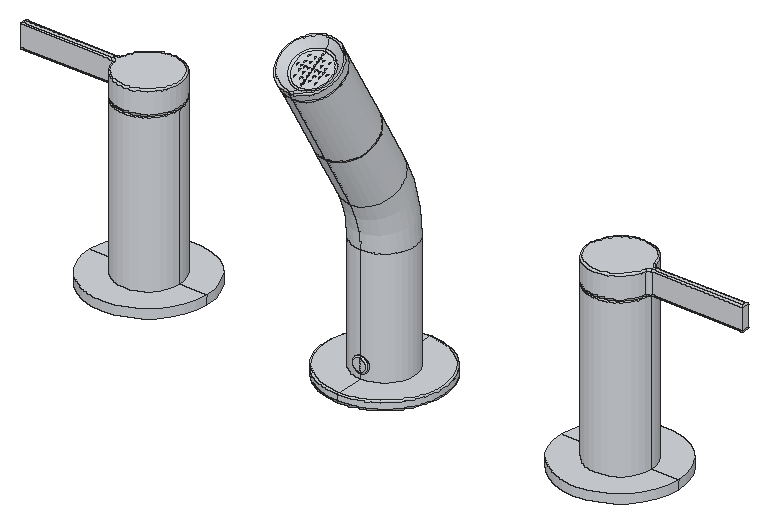
Revit family "Faucet-Wall_Mount-KOHLER-Stillness-K-T945", category Plumbing Fixtures, host Face, Revit 2015
Parameters (values of type "CP-Polished Chrome")
  Type = 1
  Width = Faucet Hole Spacing  # 8"
  Waste Water Outlet = "Waste Water Outlet"  # constant formula
  Waste Connection = 1 = 0  # no
  Vent Connection = 1 = 0  # no
  URL = "https://www.us.kohler.com/us/"
  Spout Reach = 5 5/16"  # constant formula
  Product Page URL = "http://www.us.kohler.com/us/catalog/productDetails.jsp?productNumber=T945-4"
  Product Name = "Stillness"  # constant formula
  Product Documentation Link = "http://www.us.kohler.com/onlinecatalog/pdf/K-T945-4_spec.pdf"
  Pressure = 60.00 psi  # constant formula
  Model = if(Type = 1, "K-T945-4-CP", if(Type = 2, "K-T945-4-BN", "NA"))  # "K-T945-4-CP"
  Material = "Premium Metal Construction"  # constant formula
  MasterFormat 2004 = "22.41.39"  # constant formula
  MasterFormat 1995 = "15410"  # constant formula
  Manufacturer Address = "444 Highland Dr, Kohler, WI 53044"  # constant formula
  Manufacturer = "KOHLER Co."  # constant formula
  Length = Spout Reach  # 5 5/16"
  Hot Water Inlet = "Hot Water Inlet"  # constant formula
  Height = 3 5/256"  # constant formula
  Handle Clearance = 2 1/8"  # constant formula
  HW Connection = 1 = 1  # yes
  Flow Rate = 2 GPM  # constant formula
  Finish = Kohler-Metal-CP-Polished_Chrome
  Faucet Hole Spacing = 8"  # constant formula
  Environmental Product Declaration = ""
  Drain Included = 1 = 0  # no
  Description = "Laminar widespread wall-mount bathroom sink faucet trim with lever handles, requires valve"  # constant formula
  Default Elevation = 36"
  Declare Label = ""
  Date Modified = "08/31/2018"  # constant formula
  Date Created = "08/31/2018"  # constant formula
  Copyright = "Copyright KOHLER Co."  # constant formula
  Contact Us = "https://www.us.kohler.com/us/static/contact.jsp"
  Cold Water Inlet = "Cold Water Inlet"  # constant formula
  CW Connection = 1 = 1  # yes
  Assembly Code = "D2010"
  ADA Compliant = 1 = 1  # yes
Types (3): name | Type | Model | Finish
  (no name) | 1 | "K-T945-4-CP" | Kohler-Metal-CP-Polished_Chrome
  CP-Polished Chrome | 1 | "K-T945-4-CP" | Kohler-Metal-CP-Polished_Chrome
  BN-Vibrant Brushed Nickel | 2 | "K-T945-4-BN" | Kohler-Metal-BN-Vibrant_Brushed_Nickel
Reference planes (in)
  plane 1 "Center (Front/Back)": y = 0
  plane 2: z = 0
  plane 3 "Center (Left/Right)": x = 0
  plane 4: x = -4
  plane 5: x = 4
  plane 6: y = 1
  plane 7: x = -6.125
  plane 8: x = 6.125
  plane 9: z = 5.3125
  plane 10: y = -2.01953
Dimensions and locks (in)
  equal spacing: plane 4, plane 3 "Center (Left/Right)", plane 5
  "Width": plane 4 to plane 5
  "Handle Clearance": plane 7 to plane 4
  "Handle Clearance": plane 5 to plane 8
  "Length": plane 9 to plane 2
  "Height": plane 6 to plane 10
  aligned and locked: plane 2 to host face
  aligned and locked: level to host face
Automatic sketch dimensions
  host sketch curve to host sketch curve = 96"  (x2)
Nested families (in)
  nested 1: "K-T945-4" at (0, 0, 0), type "K-T945-4"
Connectors (in)
  piping at (-4, 0, 0), diameter 0.625, driven by "Flow Rate", driven by "Pressure", driven by "HW Connection", driven by "Hot Water Inlet"
    settings: on nested 1, index 1, connector inside diameter 24", connector length 0", flow factor 0, pipe flow 2 GPM, pressure drop 60.00 psi, fitting loss kfactor 0, connector angle 0.00°, fixture units 0, engagement length 0", angle of deflection 0.00°, flow configuration 0, flow direction 1, fitting loss method 4, system type 19, joint type 0, gender type 0, connector reference index -1, connector utility 1, adjustable connector no, is connector primary yes, connector description "Hot Water Inlet"
  piping at (4, 0, 0), diameter 0.625, driven by "Flow Rate", driven by "Pressure", driven by "CW Connection", driven by "Cold Water Inlet"
    settings: on nested 1, index 2, connector inside diameter 24", connector length 0", flow factor 0, pipe flow 2 GPM, pressure drop 60.00 psi, fitting loss kfactor 0, connector angle 0.00°, fixture units 0, engagement length 0", angle of deflection 0.00°, flow configuration 0, flow direction 1, fitting loss method 4, system type 20, joint type 0, gender type 0, connector reference index -1, connector utility 1, adjustable connector no, is connector primary no, connector description "Cold Water Inlet"
Definition of nested family "K-T945-4"
  Parameters (values of type "K-T945-4")
    Material = none
  Reference planes (in)
    plane 1 "Center (Front/Back)": y = 0
    plane 2: z = 0
    plane 3 "Center (Left/Right)": x = 0
    plane 4: x = -6.125
    plane 5: x = -4
    plane 6: x = 6.125
    plane 7: x = 4
    plane 8: z = 5.3125
    plane 9: y = 1
    plane 10: y = -1
    plane 11 "A": through (0, -1.1521, 5.65717) normal (0, -0.5, 0.866)
  Forms (in)
    Revolve 1, solid, material <- "Material", detail levels medium+fine
      sketch origin (0, 0, 0) x (1, 0, 0) y (0, 0, 1)
        loop
          line (-4.53, 0.15) -> (-4.995, 0.15) -> (-4.995, 0) -> (-4, 0) -> (-4, 2.815) -> (-4.50768, 2.815)
          arc (-4.50768, 2.815) -> (-4.52346, 2.80847) -> (-4.53, 2.79268) r 0.02232
          line (-4.53, 2.79268) -> (-4.53, 0.15)
        axis (-4, 2.815) -> (-4, 0)
      angle from 0 to 360
    Revolve 2, solid, material <- "Material", detail levels medium+fine
      sketch origin (0, 0, 0) x (-1, 0, 0) y (0, 0, 1)
        loop
          line (-4.53, 0.15) -> (-4.995, 0.15) -> (-4.995, 0) -> (-4, 0) -> (-4, 2.815) -> (-4.50768, 2.815)
          arc (-4.50768, 2.815) -> (-4.52346, 2.80846) -> (-4.53, 2.79268) r 0.02232
          line (-4.53, 2.79268) -> (-4.53, 0.15)
        axis (-4, 2.815) -> (-4, 0)
      angle from 0 to 360
    Sweep 3, solid, material <- "Material", detail levels medium+fine
      path origin (0, 0, 0) x (-1, 0, 0) y (0, 1, 0)
        loop
          arc (-4.50131, -0.09748) -> (-3.4893, -0.0003) -> (-4.50119, 0.09807) r 0.5107
          arc (-4.50119, 0.09807) -> (-4.52819, 0.0528) -> (-4.5778, 0.035) r 0.07806
          line (-4.5778, 0.035) -> (-6.11, 0.035) -> (-6.11, -0.035) -> (-4.57711, -0.035)
          arc (-4.57711, -0.035) -> (-4.52799, -0.05263) -> (-4.50131, -0.09748) r 0.07723
      profile origin (6.11, 0, 0) x (1, 0, 0) y (0, 0, 1)
        loop
          arc (0.02, 3.19156) -> (0.01314, 3.20813) -> (-0.00344, 3.215) r 0.02344
          line (-0.00344, 3.215) -> (-0.00344, 2.815)
          arc (-0.00344, 2.815) -> (0.01314, 2.82187) -> (0.02, 2.83844) r 0.02344
          line (0.02, 2.83844) -> (0.02, 3.19156)
    Revolve 4, solid, material <- "Material", detail levels medium+fine
      sketch origin (0, 0, 0) x (0, 1, 0) y (0, 0, 1)
        loop
          arc (0.96576, 0) -> (0.98645, 0.00857) -> (0.99502, 0.02926) r 0.02926
          line (0.99502, 0.02926) -> (0.99502, 0.12987)
          arc (0.99502, 0.12987) -> (0.98913, 0.1441) -> (0.97489, 0.15) r 0.02013
          line (0.97489, 0.15) -> (0, 0.15) -> (0, 0) -> (0.96576, 0)
        axis (0, 0.15) -> (0, 0)
      angle from 0 to 360
    Sweep 5, solid, material <- "Material", detail levels medium+fine
      path origin (0, 0, 0) x (0, 1, 0) y (0, 0, 1)
        loop
          line (-0.79, 4.03) -> (-0.27633, 3.1403)
          arc (-0.27633, 3.1403) -> (-0.07028, 2.64285) -> (0, 2.10901) r 2.06258
          line (0, 2.10901) -> (0, 0.12)
      profile origin (0, -0.53317, 3.58515) x (0, 0.866025, 0.5) y (1, 0, 0)
        loop
          circle (0, 0) r 0.5
    Revolve 6, solid, material <- "Material", detail levels medium+fine
      sketch origin (0, 0, 0) x (0, 1, 0) y (0, 0, 1)
        loop
          line (-0.79, 4.03) -> (-0.38198, 4.26557)
          arc (-0.38198, 4.26557) -> (-0.36853, 4.28309) -> (-0.37141, 4.30499) r 0.02886
          line (-0.37141, 4.30499) -> (-1.06977, 5.51457)
          arc (-1.06977, 5.51457) -> (-1.09013, 5.53047) -> (-1.11581, 5.52775) r 0.03446
          line (-1.11581, 5.52775) -> (-1.08699, 5.5444) -> (-1.14509, 5.64503)
          arc (-1.14509, 5.64503) -> (-1.15847, 5.65185) -> (-1.17014, 5.6424) r 0.01378
          line (-1.17014, 5.6424) -> (-1.22248, 5.4813)
          arc (-1.22248, 5.4813) -> (-1.23135, 5.46496) -> (-1.24549, 5.45289) r 0.05101
          line (-1.24549, 5.45289) -> (-1.52, 5.2944) -> (-0.79, 4.03)
        axis (-1.58322, 5.4039) -> (-0.79, 4.03)
      angle from 0 to 360
    Revolve 7, solid, material <- "Material", detail levels medium+fine
      sketch origin (0, -0.01953, 0) x (0, 1, 0) y (0, 0, 1)
        loop
          line (-0.51, 0.37) -> (-0.38, 0.37) -> (-0.38, 0.50158) -> (-0.4878, 0.50158) -> (-0.51, 0.47937) -> (-0.51, 0.37)
        axis (-0.51, 0.37) -> (-0.38, 0.37)
      angle from 0 to 360
    Extrusion 8, solid, material <- "Material", detail levels medium+fine
      sketch origin (0, 0, 0) x (1, 0, 0) y (0, 1, 0)
        loop
          arc (4.49793, -0.09683) -> (4.52581, -0.04998) -> (4.57711, -0.03156) r 0.08066
          line (4.57711, -0.03156) -> (6.10656, -0.03156) -> (6.10656, 0.03156) -> (4.5778, 0.03156)
          arc (4.5778, 0.03156) -> (4.526, 0.05014) -> (4.49782, 0.09741) r 0.0815
          arc (4.49782, 0.09741) -> (3.49274, -0.0003) -> (4.49793, -0.09683) r 0.50726
      from 2.815 to 3.215
    Sweep 9, solid, material <- "Material", detail levels medium+fine
      path origin (0, 0, 0) x (1, 0, 0) y (0, 1, 0)
        loop
          arc (-4.50131, -0.09748) -> (-3.4893, -0.0003) -> (-4.50119, 0.09807) r 0.5107
          arc (-4.50119, 0.09807) -> (-4.52819, 0.0528) -> (-4.5778, 0.035) r 0.07806
          line (-4.5778, 0.035) -> (-6.11, 0.035) -> (-6.11, -0.035) -> (-4.57711, -0.035)
          arc (-4.57711, -0.035) -> (-4.52799, -0.05263) -> (-4.50131, -0.09748) r 0.07723
      profile origin (-6.11, 0, 0) x (1, 0, 0) y (0, 0, 1)
        loop
          line (-0.02, 3.19156) -> (-0.02, 2.83844)
          arc (-0.02, 2.83844) -> (-0.01314, 2.82187) -> (0.00344, 2.815) r 0.02344
          line (0.00344, 2.815) -> (0.00344, 3.215)
          arc (0.00344, 3.215) -> (-0.01314, 3.20813) -> (-0.02, 3.19156) r 0.02344
    Extrusion 10, solid, material <- "Material", detail levels medium+fine
      sketch origin (0, 0, 0) x (-1, 0, 0) y (0, -1, 0)
        loop
          arc (4.49793, 0.09683) -> (3.49274, 0.0003) -> (4.49782, -0.09741) r 0.50726
          arc (4.49782, -0.09741) -> (4.526, -0.05014) -> (4.5778, -0.03156) r 0.0815
          line (4.5778, -0.03156) -> (6.10656, -0.03156) -> (6.10656, 0.03156) -> (4.57711, 0.03156)
          arc (4.57711, 0.03156) -> (4.52581, 0.04998) -> (4.49793, 0.09683) r 0.08066
      from 2.815 to 3.215
    Sweep 11, solid, material <- "Material", detail levels coarse
      path origin (0, 0, 0) x (0, 1, 0) y (0, 0, 1)
        loop
          line (-1.58511, 5.40717) -> (-0.27633, 3.1403)
          arc (-0.27633, 3.1403) -> (-0.07028, 2.64285) -> (0, 2.10901) r 2.06258
          line (0, 2.10901) -> (0, 0)
      profile origin (0, -0.93072, 4.27374) x (0, 0.866025, 0.5) y (1, 0, 0)
        loop
          circle (0, 0) r 0.5
    Extrusion 12, solid, material <- "Material", detail levels coarse
      sketch origin (0, 0, 0) x (1, 0, 0) y (0, 1, 0)
        loop
          circle (-4, 0) r 0.53
        loop
          circle (4, 0) r 0.53
      from 0 to 3.21544
    Extrusion 13, solid, material <- "Material", detail levels coarse
      sketch origin (0, 0, 0) x (1, 0, 0) y (0, 1, 0)
        loop
          line (-6.13, 0.055) -> (-6.13, -0.055) -> (-4.52714, -0.055)
          arc (-4.52714, -0.055) -> (-4.53, 0) -> (-4.52714, 0.055) r 0.53
          line (-4.52714, 0.055) -> (-6.13, 0.055)
        loop
          line (6.13, 0.055) -> (4.52714, 0.055)
          arc (4.52714, 0.055) -> (4.53, 0) -> (4.52714, -0.055) r 0.53
          line (4.52714, -0.055) -> (6.13, -0.055) -> (6.13, 0.055)
      from 2.81501 to 3.21544
    Extrusion 14, solid, material <- "Material", detail levels coarse
      sketch origin (0, 0, 0) x (1, 0, 0) y (0, 1, 0)
        loop
          circle (-4, 0) r 0.1875
        loop
          circle (4, 0) r 0.1875
      from 0 to 0.125
    Extrusion 15, void
      sketch origin (0, -2.73765, 4.74175) x (0, 0.866025, 0.5) y (-1, 0, 0)
        loop
          circle (1.33084, 0) r 0.01562
        loop
          circle (1.33084, 0.0625) r 0.01562
        loop
          circle (1.33084, 0.125) r 0.01562
        loop
          circle (1.33084, 0.1875) r 0.01562
        loop
          circle (1.33084, 0.25) r 0.01562
        loop
          circle (1.41923, 0.08839) r 0.01562
        loop
          circle (1.50762, 0.17678) r 0.01562
        loop
          circle (1.39334, 0) r 0.01562
        loop
          circle (1.45584, 0) r 0.01562
        loop
          circle (1.51834, 0) r 0.01562
        loop
          circle (1.58084, 0) r 0.01562
        loop
          circle (1.33084, -0.0625) r 0.01562
        loop
          circle (1.33084, -0.125) r 0.01562
        loop
          circle (1.33084, -0.1875) r 0.01562
        loop
          circle (1.33084, -0.25) r 0.01562
        loop
          circle (1.41923, -0.08839) r 0.01562
        loop
          circle (1.50762, -0.17678) r 0.01562
        loop
          circle (1.24245, 0.08839) r 0.01562
        loop
          circle (1.15406, 0.17678) r 0.01562
        loop
          circle (1.26834, 0) r 0.01562
        loop
          circle (1.20584, 0) r 0.01562
        loop
          circle (1.14334, 0) r 0.01562
        loop
          circle (1.08084, 0) r 0.01562
        loop
          circle (1.24245, -0.08839) r 0.01562
        loop
          circle (1.15406, -0.17678) r 0.01562
        loop
          circle (1.40259, -0.17323) r 0.01562
        loop
          circle (1.50407, -0.07175) r 0.01562
        loop
          circle (1.40259, 0.17323) r 0.01562
        loop
          circle (1.50407, 0.07175) r 0.01562
        loop
          circle (1.25909, -0.17323) r 0.01562
        loop
          circle (1.15761, -0.07175) r 0.01562
        loop
          circle (1.25909, 0.17323) r 0.01562
        loop
          circle (1.15761, 0.07175) r 0.01562
      from -0.18034 to -0.03859
  Cuts and joins
    joined: Sweep 3, Extrusion 8, Sweep 9, Extrusion 10
    Extrusion 15 cuts Revolve 6
    joined: Revolve 1, Revolve 2, Revolve 4, Sweep 5, Revolve 6, Revolve 7
    joined: Sweep 11, Extrusion 12, Extrusion 13
  Lines and regions (in)
    Masking region 1
      outline origin (0, 0, 0) x (1, 0, 0) y (0, 0, 1)
        loop
          line (-0.96576, 0) -> (0.96576, 0)
          arc (0.96576, 0) -> (0.98645, 0.00857) -> (0.99502, 0.02926) r 0.02926
          line (0.99502, 0.02926) -> (0.99502, 0.12987)
          arc (0.99502, 0.12987) -> (0.98913, 0.1441) -> (0.97489, 0.15) r 0.02013
          line (0.97489, 0.15) -> (0.5, 0.15) -> (0.5, 5.37292)
          arc (0.5, 5.37292) -> (0.49355, 5.41161) -> (0.47814, 5.4475) r 0.14484
          arc (0.47814, 5.4475) -> (0.42911, 5.50865) -> (0.36556, 5.55451) r 0.29131
          arc (0.36556, 5.55451) -> (0.27872, 5.59325) -> (0.18731, 5.61938) r 0.67421
          arc (0.18731, 5.61938) -> (0.09416, 5.63402) -> (0, 5.63892) r 0.90751
          arc (0, 5.63892) -> (-0.09416, 5.63402) -> (-0.18731, 5.61938) r 0.90751
          arc (-0.18731, 5.61938) -> (-0.27872, 5.59325) -> (-0.36556, 5.55451) r 0.67421
          arc (-0.36556, 5.55451) -> (-0.42911, 5.50865) -> (-0.47814, 5.4475) r 0.29131
          arc (-0.47814, 5.4475) -> (-0.49355, 5.41161) -> (-0.49881, 5.37292) r 0.14484
          line (-0.49881, 5.37292) -> (-0.5, 0.15) -> (-0.97489, 0.15)
          arc (-0.97489, 0.15) -> (-0.98913, 0.1441) -> (-0.99502, 0.12987) r 0.02013
          line (-0.99502, 0.12987) -> (-0.99502, 0.02926)
          arc (-0.99502, 0.02926) -> (-0.98645, 0.00857) -> (-0.96576, 0) r 0.02926
        loop
          line (-4.995, 0) -> (-3.005, 0) -> (-3.005, 0.15) -> (-3.47, 0.15) -> (-3.47, 2.78766)
          arc (-3.47, 2.78766) -> (-3.47801, 2.807) -> (-3.49734, 2.81501) r 0.02734
          arc (-3.49734, 2.81501) -> (-3.47801, 2.82302) -> (-3.47, 2.84235) r 0.02734
          line (-3.47, 2.84235) -> (-3.47, 3.18765)
          arc (-3.47, 3.18765) -> (-3.47801, 3.20698) -> (-3.49734, 3.21499) r 0.02734
          line (-3.49734, 3.21499) -> (-6.09766, 3.21499)
          arc (-6.09766, 3.21499) -> (-6.11699, 3.20698) -> (-6.125, 3.18765) r 0.02734
          line (-6.125, 3.18765) -> (-6.125, 2.84235)
          arc (-6.125, 2.84235) -> (-6.11699, 2.82302) -> (-6.09766, 2.81501) r 0.02734
          line (-6.09766, 2.81501) -> (-4.50216, 2.81501)
          arc (-4.50216, 2.81501) -> (-4.52185, 2.80685) -> (-4.53, 2.78717) r 0.02784
          line (-4.53, 2.78717) -> (-4.53, 0.15) -> (-4.995, 0.15) -> (-4.995, 0)
        loop
          line (4.995, 0) -> (4.995, 0.15) -> (4.53, 0.15) -> (4.53, 2.78717)
          arc (4.53, 2.78717) -> (4.52185, 2.80685) -> (4.50216, 2.81501) r 0.02784
          line (4.50216, 2.81501) -> (6.09766, 2.81501)
          arc (6.09766, 2.81501) -> (6.11699, 2.82302) -> (6.125, 2.84235) r 0.02734
          line (6.125, 2.84235) -> (6.125, 3.18765)
          arc (6.125, 3.18765) -> (6.11699, 3.20698) -> (6.09766, 3.21499) r 0.02734
          line (6.09766, 3.21499) -> (3.49734, 3.21499)
          arc (3.49734, 3.21499) -> (3.47801, 3.20698) -> (3.47, 3.18765) r 0.02734
          line (3.47, 3.18765) -> (3.47, 2.84235)
          arc (3.47, 2.84235) -> (3.47801, 2.82302) -> (3.49734, 2.81501) r 0.02734
          arc (3.49734, 2.81501) -> (3.47801, 2.807) -> (3.47, 2.78766) r 0.02734
          line (3.47, 2.78766) -> (3.47, 0.15) -> (3.005, 0.15) -> (3.005, 0) -> (4.995, 0)
    Masking region 2
      outline origin (0, 0, 0) x (0, 1, 0) y (0, 0, 1)
        loop
          line (-1, 0) -> (1, 0) -> (1, 0.15) -> (0.53, 0.15) -> (0.53, 2.79035)
          arc (0.53, 2.79035) -> (0.52278, 2.80778) -> (0.50534, 2.815) r 0.02466
          arc (0.50534, 2.815) -> (0.52314, 2.82187) -> (0.53, 2.83844) r 0.02344
          line (0.53, 2.83844) -> (0.53, 3.19111)
          arc (0.53, 3.19111) -> (0.52314, 3.20768) -> (0.50656, 3.21455) r 0.02344
          line (0.50656, 3.21455) -> (0.25815, 3.21455) -> (-1.12676, 5.61328)
          arc (-1.12676, 5.61328) -> (-1.15753, 5.6369) -> (-1.19599, 5.63183) r 0.05068
          line (-1.19599, 5.63183) -> (-1.97454, 5.18234)
          arc (-1.97454, 5.18234) -> (-1.99799, 5.15178) -> (-1.99296, 5.11359) r 0.05033
          line (-1.99296, 5.11359) -> (-0.74043, 2.94415)
          arc (-0.74043, 2.94415) -> (-0.61665, 2.68971) -> (-0.53, 2.42035) r 2.00011
          line (-0.53, 2.42035) -> (-0.53, 0.15) -> (-1, 0.15) -> (-1, 0)
    Masking region 3
      outline origin (0, 0, 0) x (1, 0, 0) y (0, 1, 0)
        loop
          arc (0.5, -0.86603) -> (0, 1) -> (-0.5, -0.86603) r 1
          line (-0.5, -0.86603) -> (-0.5, -1.58511)
          spline (-0.5, -1.58511) -> (-0.48296, -1.69718) -> (-0.43301, -1.80162) -> (-0.35355, -1.8913) -> (-0.25, -1.96011) -> (-0.12941, -2.00337) -> (0, -2.01812) -> (0.12941, -2.00337) -> (0.25, -1.96011) -> (0.35355, -1.8913) -> (0.43301, -1.80162) -> (0.48296, -1.69718) -> (0.5, -1.58511)
          line (0.5, -1.58511) -> (0.5, -0.86603)
        loop
          arc (4.99849, 0.055) -> (3, 0) -> (4.99849, -0.055) r 1
          line (4.99849, -0.055) -> (6.125, -0.055) -> (6.125, 0.055) -> (4.99849, 0.055)
        loop
          arc (-4.99849, -0.055) -> (-3, 0) -> (-4.99849, 0.055) r 1
          line (-4.99849, 0.055) -> (-6.125, 0.055) -> (-6.125, -0.055) -> (-4.99849, -0.055)
    symbolic lines, detail levels medium+fine
      curve 1: spline (0.5, 0, 4.03) -> (0.48296, 0, 4.0947) -> (0.43301, 0, 4.155) -> (0.35355, 0, 4.20678) -> (0.25, 0, 4.24651) -> (0.12941, 0, 4.27148) -> (0, 0, 4.28) -> (-0.12941, 0, 4.27148) -> (-0.25, 0, 4.24651) -> (-0.35355, 0, 4.20678) -> (-0.43301, 0, 4.155) -> (-0.48296, 0, 4.0947) -> (-0.5, 0, 4.03)
      curve 2: line (-4.50216, 0, 2.81501) -> (-3.49734, 0, 2.81501)
      curve 3: line (-4.53, 0, 0.15) -> (-3.47, 0, 0.15)
      curve 4: line (4.50216, 0, 2.81501) -> (3.49734, 0, 2.81501)
      curve 5: line (4.53, 0, 0.15) -> (3.47, 0, 0.15)
      curve 6: line (0, 0.50656, 3.21455) -> (0, 0.25815, 3.21455)
      curve 7: arc (0, -0.53, 3.19111) -> (0, -0.52314, 3.20768) -> (0, -0.50656, 3.21455) r 0.02344
      curve 8: line (0, -0.53, 2.83844) -> (0, -0.53, 3.19111)
      curve 9: arc (0, -0.50656, 2.815) -> (0, -0.52314, 2.82187) -> (0, -0.53, 2.83844) r 0.02344
      curve 10: arc (0, -0.53, 2.79035) -> (0, -0.52278, 2.80778) -> (0, -0.50534, 2.815) r 0.02466
      curve 11: line (0, -0.53, 0.15) -> (0, -0.53, 2.79035)
      curve 12: line (0, 0.50534, 2.815) -> (0, -0.50656, 2.815)
      curve 13: line (0, 0.25815, 3.21455) -> (0, -0.50656, 3.21455)
      curve 14: line (0, -1.22301, 3.78) -> (0, -0.35699, 4.28)
      curve 15: line (0, -1.08699, 5.5444) -> (0, -1.95301, 5.0444)
      curve 16: line (0, -0.055, 3.19156) -> (0, -0.055, 2.83844)
      curve 17: line (0, 0.055, 2.83844) -> (0, 0.055, 3.19156)
      curve 18: arc (0, 0.055, 3.19156) -> (0, 0.04814, 3.20813) -> (0, 0.03156, 3.215) r 0.02344
      curve 19: arc (0, -0.055, 3.19156) -> (0, -0.04814, 3.20813) -> (0, -0.03156, 3.215) r 0.02344
      curve 20: arc (0, 0.03156, 2.815) -> (0, 0.04814, 2.82187) -> (0, 0.055, 2.83844) r 0.02344
      curve 21: arc (0, -0.03156, 2.815) -> (0, -0.04814, 2.82187) -> (0, -0.055, 2.83844) r 0.02344
      curve 22: line (-0.5, 0, 0.15) -> (0.5, 0, 0.15)
      curve 23: line (-4.57973, 0.055, 0) -> (-6.125, 0.055, 0)
      curve 24: line (-6.125, -0.055, 0) -> (-4.57973, -0.055, 0)
      curve 25: arc (-4.51965, -0.10423, 0) -> (-3.47, 0, 0) -> (-4.51965, 0.10423, 0) r 0.53
      curve 26: arc (-4.51965, 0.10423, 0) -> (-4.54089, 0.06888, 0) -> (-4.57973, 0.055, 0) r 0.06128
      curve 27: arc (-4.51965, -0.10423, 0) -> (-4.54089, -0.06888, 0) -> (-4.57973, -0.055, 0) r 0.06128
      curve 28: arc (0.5, 0, 0) -> (0, 0.5, 0) -> (-0.5, 0, 0) r 0.5
      curve 29: line (-0.5, 0, 0) -> (-0.5, -1.25, 0)
      curve 30: line (0.5, 0, 0) -> (0.5, -1.25, 0)
      curve 31: spline (0.5, -0.79, 0) -> (0.48296, -0.67793, 0) -> (0.43301, -0.57349, 0) -> (0.35355, -0.48381, 0) -> (0.25, -0.415, 0) -> (0.12941, -0.37174, 0) -> (0, -0.35699, 0) -> (-0.12941, -0.37174, 0) -> (-0.25, -0.415, 0) -> (-0.35355, -0.48381, 0) -> (-0.43301, -0.57349, 0) -> (-0.48296, -0.67793, 0) -> (-0.5, -0.79, 0)
      curve 32: spline (-0.5, -1.52, 0) -> (-0.48296, -1.40793, 0) -> (-0.43301, -1.30349, 0) -> (-0.35355, -1.21381, 0) -> (-0.25, -1.145, 0) -> (-0.12941, -1.10174, 0) -> (0, -1.08699, 0) -> (0.12941, -1.10174, 0) -> (0.25, -1.145, 0) -> (0.35355, -1.21381, 0) -> (0.43301, -1.30349, 0) -> (0.48296, -1.40793, 0) -> (0.5, -1.52, 0)
      curve 33: line (4.57973, 0.055, 0) -> (6.125, 0.055, 0)
      curve 34: line (6.125, -0.055, 0) -> (4.57973, -0.055, 0)
      curve 35: arc (4.51965, -0.10423, 0) -> (3.47, 0, 0) -> (4.51965, 0.10423, 0) r 0.53
      curve 36: arc (4.51965, 0.10423, 0) -> (4.54089, 0.06888, 0) -> (4.57973, 0.055, 0) r 0.06128
      curve 37: arc (4.51965, -0.10423, 0) -> (4.54089, -0.06888, 0) -> (4.57973, -0.055, 0) r 0.06128
      curve 38: line (0, 0.53, 0.15) -> (0, -0.53, 0.15)
      curve 39: spline (-0.16511, -1.46942, 0) -> (-0.16884, -1.47085, 0) -> (-0.17287, -1.47139, 0) -> (-0.17693, -1.47101, 0) -> (-0.18073, -1.46973, 0) -> (-0.18402, -1.46764, 0) -> (-0.18658, -1.46489, 0) -> (-0.18822, -1.46166, 0) -> (-0.18885, -1.45817, 0) -> (-0.18841, -1.45465, 0) -> (-0.18693, -1.45136, 0) -> (-0.18452, -1.44851, 0) -> (-0.18134, -1.4463, 0)
      curve 40: spline (-0.18134, -1.4463, 0) -> (-0.17761, -1.44487, 0) -> (-0.17358, -1.44433, 0) -> (-0.16953, -1.44471, 0) -> (-0.16572, -1.44599, 0) -> (-0.16243, -1.44808, 0) -> (-0.15988, -1.45083, 0) -> (-0.15823, -1.45406, 0) -> (-0.15761, -1.45755, 0) -> (-0.15805, -1.46107, 0) -> (-0.15952, -1.46436, 0) -> (-0.16193, -1.46721, 0) -> (-0.16511, -1.46942, 0)
      curve 41: spline (-0.16417, -1.3749, 0) -> (-0.16699, -1.37745, 0) -> (-0.17047, -1.37929, 0) -> (-0.17439, -1.38028, 0) -> (-0.17847, -1.38036, 0) -> (-0.18243, -1.37952, 0) -> (-0.18601, -1.37783, 0) -> (-0.18895, -1.37538, 0) -> (-0.19107, -1.37237, 0) -> (-0.19222, -1.36898, 0) -> (-0.19231, -1.36544, 0) -> (-0.19134, -1.36201, 0) -> (-0.18938, -1.35891, 0)
      curve 42: spline (-0.18938, -1.35891, 0) -> (-0.18657, -1.35636, 0) -> (-0.18308, -1.35453, 0) -> (-0.17917, -1.35353, 0) -> (-0.17509, -1.35345, 0) -> (-0.17112, -1.35429, 0) -> (-0.16755, -1.35599, 0) -> (-0.1646, -1.35843, 0) -> (-0.16248, -1.36145, 0) -> (-0.16134, -1.36484, 0) -> (-0.16124, -1.36837, 0) -> (-0.16221, -1.3718, 0) -> (-0.16417, -1.3749, 0)
      curve 43: spline (-0.07546, -1.38313, 0) -> (-0.07926, -1.38185, 0) -> (-0.08255, -1.37976, 0) -> (-0.0851, -1.37701, 0) -> (-0.08675, -1.37378, 0) -> (-0.08737, -1.37029, 0) -> (-0.08693, -1.36677, 0) -> (-0.08546, -1.36348, 0) -> (-0.08305, -1.36063, 0) -> (-0.07987, -1.35842, 0) -> (-0.07614, -1.35699, 0) -> (-0.07211, -1.35645, 0) -> (-0.06805, -1.35683, 0)
      curve 44: spline (-0.06805, -1.35683, 0) -> (-0.06425, -1.35811, 0) -> (-0.06096, -1.3602, 0) -> (-0.0584, -1.36295, 0) -> (-0.05676, -1.36618, 0) -> (-0.05613, -1.36968, 0) -> (-0.05657, -1.37319, 0) -> (-0.05805, -1.37648, 0) -> (-0.06046, -1.37933, 0) -> (-0.06364, -1.38154, 0) -> (-0.06737, -1.38297, 0) -> (-0.0714, -1.38351, 0) -> (-0.07546, -1.38313, 0)
      curve 45: spline (-0.101, -1.43546, 0) -> (-0.09818, -1.43291, 0) -> (-0.09469, -1.43107, 0) -> (-0.09078, -1.43008, 0) -> (-0.0867, -1.43, 0) -> (-0.08274, -1.43084, 0) -> (-0.07916, -1.43253, 0) -> (-0.07621, -1.43498, 0) -> (-0.07409, -1.43799, 0) -> (-0.07295, -1.44138, 0) -> (-0.07285, -1.44492, 0) -> (-0.07382, -1.44835, 0) -> (-0.07578, -1.45145, 0)
      curve 46: spline (-0.07578, -1.45145, 0) -> (-0.0786, -1.454, 0) -> (-0.08208, -1.45583, 0) -> (-0.086, -1.45683, 0) -> (-0.09008, -1.45691, 0) -> (-0.09404, -1.45607, 0) -> (-0.09762, -1.45437, 0) -> (-0.10057, -1.45193, 0) -> (-0.10269, -1.44891, 0) -> (-0.10383, -1.44552, 0) -> (-0.10392, -1.44199, 0) -> (-0.10296, -1.43856, 0) -> (-0.101, -1.43546, 0)
      curve 47: spline (-0.01562, -1.30349, 0) -> (-0.01509, -1.29999, 0) -> (-0.01353, -1.29673, 0) -> (-0.01105, -1.29393, 0) -> (-0.00781, -1.29177, 0) -> (-0.00404, -1.29042, 0) -> (0, -1.28996, 0) -> (0.00404, -1.29042, 0) -> (0.00781, -1.29177, 0) -> (0.01105, -1.29393, 0) -> (0.01353, -1.29673, 0) -> (0.01509, -1.29999, 0) -> (0.01563, -1.30349, 0) -> (0.01509, -1.307, 0) -> (0.01353, -1.31026, 0) -> (0.01105, -1.31306, 0) -> (0.00781, -1.31521, 0) -> (0.00404, -1.31656, 0) -> (0, -1.31703, 0) -> (-0.00404, -1.31656, 0) -> (-0.00781, -1.31521, 0) -> (-0.01105, -1.31306, 0) -> (-0.01353, -1.31026, 0) -> (-0.01509, -1.307, 0) -> (-0.01562, -1.30349, 0)
      curve 48: spline (-0.01562, -1.35762, 0) -> (-0.01509, -1.35412, 0) -> (-0.01353, -1.35085, 0) -> (-0.01105, -1.34805, 0) -> (-0.00781, -1.3459, 0) -> (-0.00404, -1.34455, 0) -> (0, -1.34409, 0) -> (0.00404, -1.34455, 0) -> (0.00781, -1.3459, 0) -> (0.01105, -1.34805, 0) -> (0.01353, -1.35085, 0) -> (0.01509, -1.35412, 0) -> (0.01563, -1.35762, 0) -> (0.01509, -1.36112, 0) -> (0.01353, -1.36439, 0) -> (0.01105, -1.36719, 0) -> (0.00781, -1.36934, 0) -> (0.00404, -1.37069, 0) -> (0, -1.37115, 0) -> (-0.00404, -1.37069, 0) -> (-0.00781, -1.36934, 0) -> (-0.01105, -1.36719, 0) -> (-0.01353, -1.36439, 0) -> (-0.01509, -1.36112, 0) -> (-0.01562, -1.35762, 0)
      curve 49: spline (-0.01562, -1.41175, 0) -> (-0.01509, -1.40824, 0) -> (-0.01353, -1.40498, 0) -> (-0.01105, -1.40218, 0) -> (-0.00781, -1.40003, 0) -> (-0.00404, -1.39868, 0) -> (0, -1.39822, 0) -> (0.00404, -1.39868, 0) -> (0.00781, -1.40003, 0) -> (0.01105, -1.40218, 0) -> (0.01353, -1.40498, 0) -> (0.01509, -1.40824, 0) -> (0.01563, -1.41175, 0) -> (0.01509, -1.41525, 0) -> (0.01353, -1.41851, 0) -> (0.01105, -1.42132, 0) -> (0.00781, -1.42347, 0) -> (0.00404, -1.42482, 0) -> (0, -1.42528, 0) -> (-0.00404, -1.42482, 0) -> (-0.00781, -1.42347, 0) -> (-0.01105, -1.42132, 0) -> (-0.01353, -1.41851, 0) -> (-0.01509, -1.41525, 0) -> (-0.01562, -1.41175, 0)
      curve 50: spline (0.0024, -1.4525, 0) -> (0.00964, -1.45523, 0) -> (0.01442, -1.46067, 0) -> (0.01552, -1.46744, 0) -> (0.01266, -1.47381, 0) -> (0.00656, -1.47815, 0) -> (-0.00121, -1.47936, 0) -> (-0.00867, -1.47713, 0) -> (-0.01392, -1.47203, 0) -> (-0.01561, -1.46535, 0) -> (-0.01333, -1.45881, 0) -> (-0.00764, -1.45407, 0) -> (0, -1.45234, 0)
      curve 51: spline (0.01563, -1.52, 0) -> (0.01509, -1.5235, 0) -> (0.01353, -1.52677, 0) -> (0.01105, -1.52957, 0) -> (0.00781, -1.53172, 0) -> (0.00404, -1.53307, 0) -> (0, -1.53353, 0) -> (-0.00404, -1.53307, 0) -> (-0.00781, -1.53172, 0) -> (-0.01105, -1.52957, 0) -> (-0.01353, -1.52677, 0) -> (-0.01509, -1.5235, 0) -> (-0.01562, -1.52, 0) -> (-0.01509, -1.5165, 0) -> (-0.01353, -1.51323, 0) -> (-0.01105, -1.51043, 0) -> (-0.00781, -1.50828, 0) -> (-0.00404, -1.50693, 0) -> (0, -1.50647, 0) -> (0.00404, -1.50693, 0) -> (0.00781, -1.50828, 0) -> (0.01105, -1.51043, 0) -> (0.01353, -1.51323, 0) -> (0.01509, -1.5165, 0) -> (0.01563, -1.52, 0)
      curve 52: spline (-0.01562, -1.57413, 0) -> (-0.01509, -1.57062, 0) -> (-0.01353, -1.56736, 0) -> (-0.01105, -1.56456, 0) -> (-0.00781, -1.56241, 0) -> (-0.00404, -1.56106, 0) -> (0, -1.56059, 0) -> (0.00404, -1.56106, 0) -> (0.00781, -1.56241, 0) -> (0.01105, -1.56456, 0) -> (0.01353, -1.56736, 0) -> (0.01509, -1.57062, 0) -> (0.01563, -1.57413, 0) -> (0.01509, -1.57763, 0) -> (0.01353, -1.58089, 0) -> (0.01105, -1.58369, 0) -> (0.00781, -1.58585, 0) -> (0.00404, -1.5872, 0) -> (0, -1.58766, 0) -> (-0.00404, -1.5872, 0) -> (-0.00781, -1.58585, 0) -> (-0.01105, -1.58369, 0) -> (-0.01353, -1.58089, 0) -> (-0.01509, -1.57763, 0) -> (-0.01562, -1.57413, 0)
      curve 53: spline (-0.01562, -1.62825, 0) -> (-0.01509, -1.62475, 0) -> (-0.01353, -1.62149, 0) -> (-0.01105, -1.61868, 0) -> (-0.00781, -1.61653, 0) -> (-0.00404, -1.61518, 0) -> (0, -1.61472, 0) -> (0.00404, -1.61518, 0) -> (0.00781, -1.61653, 0) -> (0.01105, -1.61868, 0) -> (0.01353, -1.62149, 0) -> (0.01509, -1.62475, 0) -> (0.01563, -1.62825, 0) -> (0.01509, -1.63176, 0) -> (0.01353, -1.63502, 0) -> (0.01105, -1.63782, 0) -> (0.00781, -1.63997, 0) -> (0.00404, -1.64132, 0) -> (0, -1.64178, 0) -> (-0.00404, -1.64132, 0) -> (-0.00781, -1.63997, 0) -> (-0.01105, -1.63782, 0) -> (-0.01353, -1.63502, 0) -> (-0.01509, -1.63176, 0) -> (-0.01562, -1.62825, 0)
      curve 54: spline (-0.01562, -1.68238, 0) -> (-0.01509, -1.67888, 0) -> (-0.01353, -1.67561, 0) -> (-0.01105, -1.67281, 0) -> (-0.00781, -1.67066, 0) -> (-0.00404, -1.66931, 0) -> (0, -1.66885, 0) -> (0.00404, -1.66931, 0) -> (0.00781, -1.67066, 0) -> (0.01105, -1.67281, 0) -> (0.01353, -1.67561, 0) -> (0.01509, -1.67888, 0) -> (0.01563, -1.68238, 0) -> (0.01509, -1.68588, 0) -> (0.01353, -1.68915, 0) -> (0.01105, -1.69195, 0) -> (0.00781, -1.6941, 0) -> (0.00404, -1.69545, 0) -> (0, -1.69591, 0) -> (-0.00404, -1.69545, 0) -> (-0.00781, -1.6941, 0) -> (-0.01105, -1.69195, 0) -> (-0.01353, -1.68915, 0) -> (-0.01509, -1.68588, 0) -> (-0.01562, -1.68238, 0)
      curve 55: spline (-0.01562, -1.73651, 0) -> (-0.01509, -1.733, 0) -> (-0.01353, -1.72974, 0) -> (-0.01105, -1.72694, 0) -> (-0.00781, -1.72479, 0) -> (-0.00404, -1.72344, 0) -> (0, -1.72297, 0) -> (0.00404, -1.72344, 0) -> (0.00781, -1.72479, 0) -> (0.01105, -1.72694, 0) -> (0.01353, -1.72974, 0) -> (0.01509, -1.733, 0) -> (0.01563, -1.73651, 0) -> (0.01509, -1.74001, 0) -> (0.01353, -1.74327, 0) -> (0.01105, -1.74607, 0) -> (0.00781, -1.74823, 0) -> (0.00404, -1.74958, 0) -> (0, -1.75004, 0) -> (-0.00404, -1.74958, 0) -> (-0.00781, -1.74823, 0) -> (-0.01105, -1.74607, 0) -> (-0.01353, -1.74327, 0) -> (-0.01509, -1.74001, 0) -> (-0.01562, -1.73651, 0)
      curve 56: spline (-0.06805, -1.68317, 0) -> (-0.07211, -1.68355, 0) -> (-0.07614, -1.68301, 0) -> (-0.07987, -1.68158, 0) -> (-0.08305, -1.67937, 0) -> (-0.08546, -1.67652, 0) -> (-0.08693, -1.67323, 0) -> (-0.08737, -1.66971, 0) -> (-0.08675, -1.66622, 0) -> (-0.0851, -1.66299, 0) -> (-0.08255, -1.66024, 0) -> (-0.07926, -1.65815, 0) -> (-0.07546, -1.65687, 0)
      curve 57: spline (-0.07546, -1.65687, 0) -> (-0.0714, -1.65649, 0) -> (-0.06737, -1.65703, 0) -> (-0.06364, -1.65846, 0) -> (-0.06046, -1.66067, 0) -> (-0.05805, -1.66352, 0) -> (-0.05657, -1.66681, 0) -> (-0.05613, -1.67032, 0) -> (-0.05676, -1.67382, 0) -> (-0.0584, -1.67705, 0) -> (-0.06096, -1.6798, 0) -> (-0.06425, -1.68189, 0) -> (-0.06805, -1.68317, 0)
      curve 58: spline (-0.07578, -1.58855, 0) -> (-0.07382, -1.59165, 0) -> (-0.07285, -1.59508, 0) -> (-0.07295, -1.59862, 0) -> (-0.07409, -1.60201, 0) -> (-0.07621, -1.60502, 0) -> (-0.07916, -1.60747, 0) -> (-0.08274, -1.60916, 0) -> (-0.0867, -1.61, 0) -> (-0.09078, -1.60992, 0) -> (-0.09469, -1.60893, 0) -> (-0.09818, -1.60709, 0) -> (-0.101, -1.60454, 0)
      curve 59: spline (-0.101, -1.60454, 0) -> (-0.10296, -1.60144, 0) -> (-0.10392, -1.59801, 0) -> (-0.10383, -1.59448, 0) -> (-0.10269, -1.59109, 0) -> (-0.10057, -1.58807, 0) -> (-0.09762, -1.58563, 0) -> (-0.09404, -1.58393, 0) -> (-0.09008, -1.58309, 0) -> (-0.086, -1.58317, 0) -> (-0.08208, -1.58417, 0) -> (-0.0786, -1.586, 0) -> (-0.07578, -1.58855, 0)
      curve 60: spline (-0.04989, -1.52799, 0) -> (-0.05271, -1.53055, 0) -> (-0.0562, -1.53238, 0) -> (-0.06011, -1.53337, 0) -> (-0.06419, -1.53345, 0) -> (-0.06815, -1.53262, 0) -> (-0.07173, -1.53092, 0) -> (-0.07468, -1.52848, 0) -> (-0.0768, -1.52546, 0) -> (-0.07794, -1.52207, 0) -> (-0.07803, -1.51854, 0) -> (-0.07707, -1.51511, 0) -> (-0.07511, -1.51201, 0)
      curve 61: spline (-0.07511, -1.51201, 0) -> (-0.07229, -1.50945, 0) -> (-0.0688, -1.50762, 0) -> (-0.06489, -1.50663, 0) -> (-0.06081, -1.50655, 0) -> (-0.05685, -1.50738, 0) -> (-0.05327, -1.50908, 0) -> (-0.05032, -1.51152, 0) -> (-0.0482, -1.51454, 0) -> (-0.04706, -1.51793, 0) -> (-0.04697, -1.52146, 0) -> (-0.04793, -1.52489, 0) -> (-0.04989, -1.52799, 0)
      curve 62: spline (-0.11239, -1.52799, 0) -> (-0.11521, -1.53055, 0) -> (-0.1187, -1.53238, 0) -> (-0.12261, -1.53337, 0) -> (-0.12669, -1.53345, 0) -> (-0.13065, -1.53262, 0) -> (-0.13423, -1.53092, 0) -> (-0.13718, -1.52848, 0) -> (-0.1393, -1.52546, 0) -> (-0.14044, -1.52207, 0) -> (-0.14053, -1.51854, 0) -> (-0.13957, -1.51511, 0) -> (-0.13761, -1.51201, 0)
      curve 63: spline (-0.13761, -1.51201, 0) -> (-0.13479, -1.50945, 0) -> (-0.1313, -1.50762, 0) -> (-0.12739, -1.50663, 0) -> (-0.12331, -1.50655, 0) -> (-0.11935, -1.50738, 0) -> (-0.11577, -1.50908, 0) -> (-0.11282, -1.51152, 0) -> (-0.1107, -1.51454, 0) -> (-0.10956, -1.51793, 0) -> (-0.10947, -1.52146, 0) -> (-0.11043, -1.52489, 0) -> (-0.11239, -1.52799, 0)
      curve 64: spline (-0.17489, -1.52799, 0) -> (-0.17771, -1.53055, 0) -> (-0.1812, -1.53238, 0) -> (-0.18511, -1.53337, 0) -> (-0.18919, -1.53345, 0) -> (-0.19315, -1.53262, 0) -> (-0.19673, -1.53092, 0) -> (-0.19968, -1.52848, 0) -> (-0.2018, -1.52546, 0) -> (-0.20294, -1.52207, 0) -> (-0.20303, -1.51854, 0) -> (-0.20207, -1.51511, 0) -> (-0.20011, -1.51201, 0)
      curve 65: spline (-0.20011, -1.51201, 0) -> (-0.19729, -1.50945, 0) -> (-0.1938, -1.50762, 0) -> (-0.18989, -1.50663, 0) -> (-0.18581, -1.50655, 0) -> (-0.18185, -1.50738, 0) -> (-0.17827, -1.50908, 0) -> (-0.17532, -1.51152, 0) -> (-0.1732, -1.51454, 0) -> (-0.17206, -1.51793, 0) -> (-0.17197, -1.52146, 0) -> (-0.17293, -1.52489, 0) -> (-0.17489, -1.52799, 0)
      curve 66: spline (-0.23739, -1.52799, 0) -> (-0.24021, -1.53055, 0) -> (-0.2437, -1.53238, 0) -> (-0.24761, -1.53337, 0) -> (-0.25169, -1.53345, 0) -> (-0.25565, -1.53262, 0) -> (-0.25923, -1.53092, 0) -> (-0.26218, -1.52848, 0) -> (-0.2643, -1.52546, 0) -> (-0.26544, -1.52207, 0) -> (-0.26553, -1.51854, 0) -> (-0.26457, -1.51511, 0) -> (-0.26261, -1.51201, 0)
      curve 67: spline (-0.26261, -1.51201, 0) -> (-0.25979, -1.50945, 0) -> (-0.2563, -1.50762, 0) -> (-0.25239, -1.50663, 0) -> (-0.24831, -1.50655, 0) -> (-0.24435, -1.50738, 0) -> (-0.24077, -1.50908, 0) -> (-0.23782, -1.51152, 0) -> (-0.2357, -1.51454, 0) -> (-0.23456, -1.51793, 0) -> (-0.23447, -1.52146, 0) -> (-0.23543, -1.52489, 0) -> (-0.23739, -1.52799, 0)
      curve 68: spline (-0.16511, -1.57058, 0) -> (-0.16193, -1.57279, 0) -> (-0.15952, -1.57564, 0) -> (-0.15805, -1.57893, 0) -> (-0.15761, -1.58245, 0) -> (-0.15823, -1.58594, 0) -> (-0.15988, -1.58917, 0) -> (-0.16243, -1.59192, 0) -> (-0.16572, -1.59401, 0) -> (-0.16953, -1.59529, 0) -> (-0.17358, -1.59567, 0) -> (-0.17761, -1.59513, 0) -> (-0.18134, -1.5937, 0)
      curve 69: spline (-0.18134, -1.5937, 0) -> (-0.18452, -1.59149, 0) -> (-0.18693, -1.58864, 0) -> (-0.18841, -1.58535, 0) -> (-0.18885, -1.58183, 0) -> (-0.18822, -1.57834, 0) -> (-0.18658, -1.57511, 0) -> (-0.18402, -1.57236, 0) -> (-0.18073, -1.57027, 0) -> (-0.17693, -1.56899, 0) -> (-0.17287, -1.56861, 0) -> (-0.16884, -1.56915, 0) -> (-0.16511, -1.57058, 0)
      curve 70: spline (-0.16417, -1.6651, 0) -> (-0.16221, -1.6682, 0) -> (-0.16124, -1.67163, 0) -> (-0.16134, -1.67516, 0) -> (-0.16248, -1.67855, 0) -> (-0.1646, -1.68157, 0) -> (-0.16755, -1.68401, 0) -> (-0.17112, -1.68571, 0) -> (-0.17509, -1.68655, 0) -> (-0.17917, -1.68647, 0) -> (-0.18308, -1.68547, 0) -> (-0.18657, -1.68364, 0) -> (-0.18938, -1.68109, 0)
      curve 71: spline (-0.18938, -1.68109, 0) -> (-0.19134, -1.67799, 0) -> (-0.19231, -1.67456, 0) -> (-0.19222, -1.67102, 0) -> (-0.19107, -1.66763, 0) -> (-0.18895, -1.66462, 0) -> (-0.18601, -1.66217, 0) -> (-0.18243, -1.66048, 0) -> (-0.17847, -1.65964, 0) -> (-0.17439, -1.65972, 0) -> (-0.17047, -1.66071, 0) -> (-0.16699, -1.66255, 0) -> (-0.16417, -1.6651, 0)
      curve 72: spline (0.16511, -1.46942, 0) -> (0.16884, -1.47085, 0) -> (0.17287, -1.47139, 0) -> (0.17693, -1.47101, 0) -> (0.18073, -1.46973, 0) -> (0.18402, -1.46764, 0) -> (0.18658, -1.46489, 0) -> (0.18822, -1.46166, 0) -> (0.18885, -1.45817, 0) -> (0.18841, -1.45465, 0) -> (0.18693, -1.45136, 0) -> (0.18452, -1.44851, 0) -> (0.18134, -1.4463, 0)
      curve 73: spline (0.18134, -1.4463, 0) -> (0.17761, -1.44487, 0) -> (0.17358, -1.44433, 0) -> (0.16953, -1.44471, 0) -> (0.16572, -1.44599, 0) -> (0.16243, -1.44808, 0) -> (0.15988, -1.45083, 0) -> (0.15823, -1.45406, 0) -> (0.15761, -1.45755, 0) -> (0.15805, -1.46107, 0) -> (0.15952, -1.46436, 0) -> (0.16193, -1.46721, 0) -> (0.16511, -1.46942, 0)
      curve 74: spline (0.16417, -1.3749, 0) -> (0.16699, -1.37745, 0) -> (0.17047, -1.37929, 0) -> (0.17439, -1.38028, 0) -> (0.17847, -1.38036, 0) -> (0.18243, -1.37952, 0) -> (0.18601, -1.37783, 0) -> (0.18895, -1.37538, 0) -> (0.19107, -1.37237, 0) -> (0.19222, -1.36898, 0) -> (0.19231, -1.36544, 0) -> (0.19134, -1.36201, 0) -> (0.18938, -1.35891, 0)
      curve 75: spline (0.18938, -1.35891, 0) -> (0.18657, -1.35636, 0) -> (0.18308, -1.35453, 0) -> (0.17917, -1.35353, 0) -> (0.17509, -1.35345, 0) -> (0.17112, -1.35429, 0) -> (0.16755, -1.35599, 0) -> (0.1646, -1.35843, 0) -> (0.16248, -1.36145, 0) -> (0.16134, -1.36484, 0) -> (0.16124, -1.36837, 0) -> (0.16221, -1.3718, 0) -> (0.16417, -1.3749, 0)
      curve 76: spline (0.07546, -1.38313, 0) -> (0.07926, -1.38185, 0) -> (0.08255, -1.37976, 0) -> (0.0851, -1.37701, 0) -> (0.08675, -1.37378, 0) -> (0.08737, -1.37029, 0) -> (0.08693, -1.36677, 0) -> (0.08546, -1.36348, 0) -> (0.08305, -1.36063, 0) -> (0.07987, -1.35842, 0) -> (0.07614, -1.35699, 0) -> (0.07211, -1.35645, 0) -> (0.06805, -1.35683, 0)
      curve 77: spline (0.06805, -1.35683, 0) -> (0.06425, -1.35811, 0) -> (0.06096, -1.3602, 0) -> (0.0584, -1.36295, 0) -> (0.05676, -1.36618, 0) -> (0.05613, -1.36968, 0) -> (0.05657, -1.37319, 0) -> (0.05805, -1.37648, 0) -> (0.06046, -1.37933, 0) -> (0.06364, -1.38154, 0) -> (0.06737, -1.38297, 0) -> (0.0714, -1.38351, 0) -> (0.07546, -1.38313, 0)
      curve 78: spline (0.101, -1.43546, 0) -> (0.09818, -1.43291, 0) -> (0.09469, -1.43107, 0) -> (0.09078, -1.43008, 0) -> (0.0867, -1.43, 0) -> (0.08274, -1.43084, 0) -> (0.07916, -1.43253, 0) -> (0.07621, -1.43498, 0) -> (0.07409, -1.43799, 0) -> (0.07295, -1.44138, 0) -> (0.07285, -1.44492, 0) -> (0.07382, -1.44835, 0) -> (0.07578, -1.45145, 0)
      curve 79: spline (0.07578, -1.45145, 0) -> (0.0786, -1.454, 0) -> (0.08208, -1.45583, 0) -> (0.086, -1.45683, 0) -> (0.09008, -1.45691, 0) -> (0.09404, -1.45607, 0) -> (0.09762, -1.45437, 0) -> (0.10057, -1.45193, 0) -> (0.10269, -1.44891, 0) -> (0.10383, -1.44552, 0) -> (0.10392, -1.44199, 0) -> (0.10296, -1.43856, 0) -> (0.101, -1.43546, 0)
      curve 80: spline (0.06805, -1.68317, 0) -> (0.07211, -1.68355, 0) -> (0.07614, -1.68301, 0) -> (0.07987, -1.68158, 0) -> (0.08305, -1.67937, 0) -> (0.08546, -1.67652, 0) -> (0.08693, -1.67323, 0) -> (0.08737, -1.66971, 0) -> (0.08675, -1.66622, 0) -> (0.0851, -1.66299, 0) -> (0.08255, -1.66024, 0) -> (0.07926, -1.65815, 0) -> (0.07546, -1.65687, 0)
      curve 81: spline (0.07546, -1.65687, 0) -> (0.0714, -1.65649, 0) -> (0.06737, -1.65703, 0) -> (0.06364, -1.65846, 0) -> (0.06046, -1.66067, 0) -> (0.05805, -1.66352, 0) -> (0.05657, -1.66681, 0) -> (0.05613, -1.67032, 0) -> (0.05676, -1.67382, 0) -> (0.0584, -1.67705, 0) -> (0.06096, -1.6798, 0) -> (0.06425, -1.68189, 0) -> (0.06805, -1.68317, 0)
      curve 82: spline (0.07578, -1.58855, 0) -> (0.07382, -1.59165, 0) -> (0.07285, -1.59508, 0) -> (0.07295, -1.59862, 0) -> (0.07409, -1.60201, 0) -> (0.07621, -1.60502, 0) -> (0.07916, -1.60747, 0) -> (0.08274, -1.60916, 0) -> (0.0867, -1.61, 0) -> (0.09078, -1.60992, 0) -> (0.09469, -1.60893, 0) -> (0.09818, -1.60709, 0) -> (0.101, -1.60454, 0)
      curve 83: spline (0.101, -1.60454, 0) -> (0.10296, -1.60144, 0) -> (0.10392, -1.59801, 0) -> (0.10383, -1.59448, 0) -> (0.10269, -1.59109, 0) -> (0.10057, -1.58807, 0) -> (0.09762, -1.58563, 0) -> (0.09404, -1.58393, 0) -> (0.09008, -1.58309, 0) -> (0.086, -1.58317, 0) -> (0.08208, -1.58417, 0) -> (0.0786, -1.586, 0) -> (0.07578, -1.58855, 0)
      curve 84: spline (0.04989, -1.52799, 0) -> (0.05271, -1.53055, 0) -> (0.0562, -1.53238, 0) -> (0.06011, -1.53337, 0) -> (0.06419, -1.53345, 0) -> (0.06815, -1.53262, 0) -> (0.07173, -1.53092, 0) -> (0.07468, -1.52848, 0) -> (0.0768, -1.52546, 0) -> (0.07794, -1.52207, 0) -> (0.07803, -1.51854, 0) -> (0.07707, -1.51511, 0) -> (0.07511, -1.51201, 0)
      curve 85: spline (0.07511, -1.51201, 0) -> (0.07229, -1.50945, 0) -> (0.0688, -1.50762, 0) -> (0.06489, -1.50663, 0) -> (0.06081, -1.50655, 0) -> (0.05685, -1.50738, 0) -> (0.05327, -1.50908, 0) -> (0.05032, -1.51152, 0) -> (0.0482, -1.51454, 0) -> (0.04706, -1.51793, 0) -> (0.04697, -1.52146, 0) -> (0.04793, -1.52489, 0) -> (0.04989, -1.52799, 0)
      curve 86: spline (0.11239, -1.52799, 0) -> (0.11521, -1.53055, 0) -> (0.1187, -1.53238, 0) -> (0.12261, -1.53337, 0) -> (0.12669, -1.53345, 0) -> (0.13065, -1.53262, 0) -> (0.13423, -1.53092, 0) -> (0.13718, -1.52848, 0) -> (0.1393, -1.52546, 0) -> (0.14044, -1.52207, 0) -> (0.14053, -1.51854, 0) -> (0.13957, -1.51511, 0) -> (0.13761, -1.51201, 0)
      curve 87: spline (0.13761, -1.51201, 0) -> (0.13479, -1.50945, 0) -> (0.1313, -1.50762, 0) -> (0.12739, -1.50663, 0) -> (0.12331, -1.50655, 0) -> (0.11935, -1.50738, 0) -> (0.11577, -1.50908, 0) -> (0.11282, -1.51152, 0) -> (0.1107, -1.51454, 0) -> (0.10956, -1.51793, 0) -> (0.10947, -1.52146, 0) -> (0.11043, -1.52489, 0) -> (0.11239, -1.52799, 0)
      curve 88: spline (0.17489, -1.52799, 0) -> (0.17771, -1.53055, 0) -> (0.1812, -1.53238, 0) -> (0.18511, -1.53337, 0) -> (0.18919, -1.53345, 0) -> (0.19315, -1.53262, 0) -> (0.19673, -1.53092, 0) -> (0.19968, -1.52848, 0) -> (0.2018, -1.52546, 0) -> (0.20294, -1.52207, 0) -> (0.20303, -1.51854, 0) -> (0.20207, -1.51511, 0) -> (0.20011, -1.51201, 0)
      curve 89: spline (0.20011, -1.51201, 0) -> (0.19729, -1.50945, 0) -> (0.1938, -1.50762, 0) -> (0.18989, -1.50663, 0) -> (0.18581, -1.50655, 0) -> (0.18185, -1.50738, 0) -> (0.17827, -1.50908, 0) -> (0.17532, -1.51152, 0) -> (0.1732, -1.51454, 0) -> (0.17206, -1.51793, 0) -> (0.17197, -1.52146, 0) -> (0.17293, -1.52489, 0) -> (0.17489, -1.52799, 0)
      curve 90: spline (0.23739, -1.52799, 0) -> (0.24021, -1.53055, 0) -> (0.2437, -1.53238, 0) -> (0.24761, -1.53337, 0) -> (0.25169, -1.53345, 0) -> (0.25565, -1.53262, 0) -> (0.25923, -1.53092, 0) -> (0.26218, -1.52848, 0) -> (0.2643, -1.52546, 0) -> (0.26544, -1.52207, 0) -> (0.26553, -1.51854, 0) -> (0.26457, -1.51511, 0) -> (0.26261, -1.51201, 0)
      curve 91: spline (0.26261, -1.51201, 0) -> (0.25979, -1.50945, 0) -> (0.2563, -1.50762, 0) -> (0.25239, -1.50663, 0) -> (0.24831, -1.50655, 0) -> (0.24435, -1.50738, 0) -> (0.24077, -1.50908, 0) -> (0.23782, -1.51152, 0) -> (0.2357, -1.51454, 0) -> (0.23456, -1.51793, 0) -> (0.23447, -1.52146, 0) -> (0.23543, -1.52489, 0) -> (0.23739, -1.52799, 0)
      curve 92: spline (0.16511, -1.57058, 0) -> (0.16193, -1.57279, 0) -> (0.15952, -1.57564, 0) -> (0.15805, -1.57893, 0) -> (0.15761, -1.58245, 0) -> (0.15823, -1.58594, 0) -> (0.15988, -1.58917, 0) -> (0.16243, -1.59192, 0) -> (0.16572, -1.59401, 0) -> (0.16953, -1.59529, 0) -> (0.17358, -1.59567, 0) -> (0.17761, -1.59513, 0) -> (0.18134, -1.5937, 0)
      curve 93: spline (0.18134, -1.5937, 0) -> (0.18452, -1.59149, 0) -> (0.18693, -1.58864, 0) -> (0.18841, -1.58535, 0) -> (0.18885, -1.58183, 0) -> (0.18822, -1.57834, 0) -> (0.18658, -1.57511, 0) -> (0.18402, -1.57236, 0) -> (0.18073, -1.57027, 0) -> (0.17693, -1.56899, 0) -> (0.17287, -1.56861, 0) -> (0.16884, -1.56915, 0) -> (0.16511, -1.57058, 0)
      curve 94: spline (0.16417, -1.6651, 0) -> (0.16221, -1.6682, 0) -> (0.16124, -1.67163, 0) -> (0.16134, -1.67516, 0) -> (0.16248, -1.67855, 0) -> (0.1646, -1.68157, 0) -> (0.16755, -1.68401, 0) -> (0.17112, -1.68571, 0) -> (0.17509, -1.68655, 0) -> (0.17917, -1.68647, 0) -> (0.18308, -1.68547, 0) -> (0.18657, -1.68364, 0) -> (0.18938, -1.68109, 0)
      curve 95: spline (0.18938, -1.68109, 0) -> (0.19134, -1.67799, 0) -> (0.19231, -1.67456, 0) -> (0.19222, -1.67102, 0) -> (0.19107, -1.66763, 0) -> (0.18895, -1.66462, 0) -> (0.18601, -1.66217, 0) -> (0.18243, -1.66048, 0) -> (0.17847, -1.65964, 0) -> (0.17439, -1.65972, 0) -> (0.17047, -1.66071, 0) -> (0.16699, -1.66255, 0) -> (0.16417, -1.6651, 0)
      curve 96: spline (-0.32907, -1.52, 0) -> (-0.31786, -1.44623, 0) -> (-0.28499, -1.37749, 0) -> (-0.23269, -1.31845, 0) -> (-0.16454, -1.27316, 0) -> (-0.08517, -1.24468, 0) -> (0, -1.23497, 0) -> (0.08517, -1.24468, 0) -> (0.16454, -1.27316, 0) -> (0.23269, -1.31845, 0) -> (0.28499, -1.37749, 0) -> (0.31786, -1.44623, 0) -> (0.32907, -1.52, 0) -> (0.31786, -1.59377, 0) -> (0.28499, -1.66251, 0) -> (0.23269, -1.72155, 0) -> (0.16454, -1.76684, 0) -> (0.08517, -1.79532, 0) -> (0, -1.80503, 0) -> (-0.08517, -1.79532, 0) -> (-0.16454, -1.76684, 0) -> (-0.23269, -1.72155, 0) -> (-0.28499, -1.66251, 0) -> (-0.31786, -1.59377, 0) -> (-0.32907, -1.52, 0)
  Dimensions and locks (in)
    plane 3 "Center (Left/Right)" to plane 5 = 4"
    plane 5 to plane 4 = 2 1/8"
    aligned and locked: plane 2 to level
